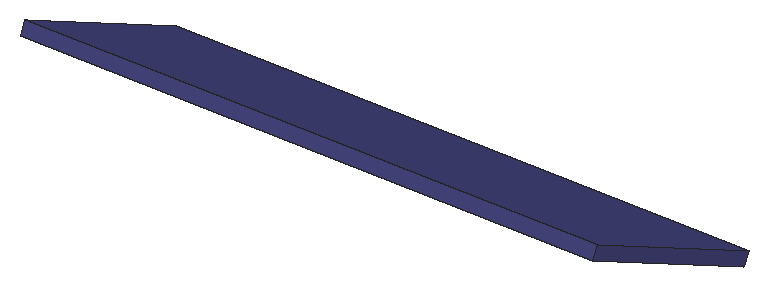
Revit family "Solar_Painel", category Electrical Equipment, Revit 2025
Family settings
  Round Connector Dimension = Use Diameter
  Part Type = Other Panel
  OmniClass Number = 23.80.30.11.17
  OmniClass Title = Distribution Boards and Control Panels
  Work Plane-Based = No
  Always vertical = No
  Cut with Voids When Loaded = No
  Maintain Annotation Orientation = No
  Shared = Yes
  Room Calculation Point = Yes
Parameters (values of type "Painel_Solar_220x080")
  built-in parameter 1140142 [instance] = -1
  Painel_Profundidade = 0.800 m
  Painel_Comprimento = 2.200 m
  Painel_Angulo = 25.00°
  built-in parameter 1155152 [instance] = 16
  MCB Rating [instance] = 1 A
  Feed Through Lugs [instance] = yes
  Default Elevation = 0.000 m
Types (4, lengths in m): name | Painel_Profundidade | Painel_Comprimento
  Painel_Solar_220x080 | 0.800 | 2.200
  Painel_Solar_250x120 | 1.200 | 2.500
  Painel_Solar_220x120 | 1.200 | 2.200
  Painel_Solar_200x120 | 1.200 | 2.000
Reference planes (m)
  plane 1 "Center (Front/Back)": y = 0
  plane 2: z = 0
  plane 3 "Center (Left/Right)": x = 0.1
  plane 4: x = 2.3
  plane 5: x = 1.2
Forms (m)
  Extrusion 1, solid, material "CT_Solar_Placa"
    sketch origin (2.3, 0.65266, 1.2) x (0, 1, 0) y (0, 0, 1)
      loop
        line (-0.65266, -1.2) -> (-0.631529, -1.154685) -> (-1.356575, -0.81659) -> (-1.377706, -0.861905) -> (-0.65266, -1.2)
    from 0 to -2.2
Lines and regions (m)
  reference lines
    curve 1: line (0.1, 0, 0) -> (0.1, -0.725046, 0.338095)
Dimensions and locks (m)
  "Painel_Profundidade": curve 1 to curve 1
  "Painel_Comprimento": plane 4 to plane 3 "Center (Left/Right)"
  equal spacing: plane 3 "Center (Left/Right)", plane 5, plane 4
  locked: Extrusion 1 sketch curve to Extrusion 1 sketch curve at 0.05
  "Painel_Profundidade": Extrusion 1 sketch curve to Extrusion 1 sketch curve
  "Painel_Angulo": angle level to curve 1
  aligned and locked: level to plane 2
  aligned and locked: plane 1 "Center (Front/Back)" to curve 1
  aligned and locked: plane 2 to curve 1
  aligned and locked: Extrusion 1 sketch curve to curve 1
  aligned and locked: Extrusion 1 to plane 3 "Center (Left/Right)"
  aligned and locked: Extrusion 1 to plane 4
Automatic sketch dimensions
  Extrusion 1 sketch curve to level = 0.000 m
